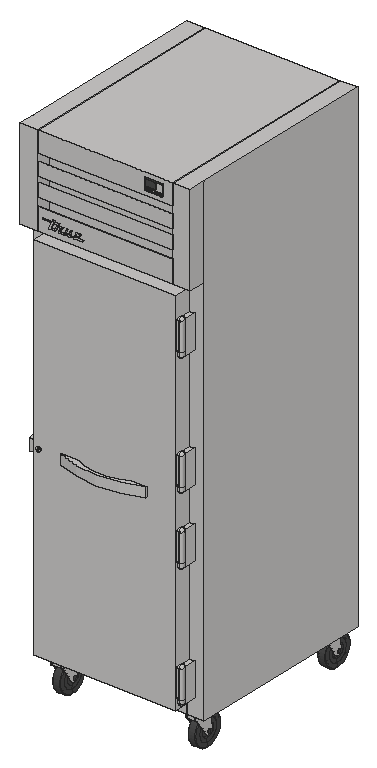
Revit family "QF_TRUE_STG1H-1S", category Specialty Equipment, Revit 2012 (continued)
Automatic sketch dimensions
  Revolve 31 sketch curve to Revolve 31 sketch curve = 1/2"
  Revolve 31 sketch curve to Revolve 31 sketch curve = 0"
  Revolve 31 sketch curve to Revolve 31 sketch curve = 5/8"
  plane 7 to Revolve 31 sketch curve = 1 25/32"
  Revolve 32 sketch curve to plane 7 = 0.62954"
  Revolve 32 sketch curve to plane 4 "RIGHT" = 4.14082"
  Revolve 32 sketch curve to Revolve 32 sketch curve = 1.29707"
  Revolve 32 sketch curve to Revolve 32 sketch curve = 0"
  Revolve 32 sketch curve to Revolve 32 sketch curve = 0.10278"
  Revolve 32 sketch curve to plane 7 = 0.00141"
  plane 7 to Revolve 32 sketch curve = 0.26768"
  Extrusion 33 sketch curve to plane 7 = 0.63926"  (x2)
  Extrusion 33 sketch curve to plane 5 "FRONT" = 3.79864"
  Extrusion 33 sketch curve to Extrusion 33 sketch curve = 1/4"  (x2)
  Extrusion 33 sketch curve to Extrusion 33 sketch curve = 2 1/2"
  Extrusion 33 sketch curve to plane 7 = 0.93273"  (x2)
  Extrusion 33 sketch curve to Extrusion 33 sketch curve = 0.03603"
  plane 1 "BACK" to Extrusion 33 sketch curve = 3.8577"
  Extrusion 33 sketch curve to plane 7 = 1.24411"
  plane 1 "BACK" to Extrusion 33 sketch curve = 1.1077"
  Revolve 34 sketch curve to plane 4 "RIGHT" = 4.35148"
  Revolve 34 sketch curve to Revolve 34 sketch curve = 0.48273"
  Revolve 34 sketch curve to Revolve 34 sketch curve = 0.4"
  Revolve 34 sketch curve to Revolve 34 sketch curve = 0"  (x2)
  Revolve 34 sketch curve to Revolve 34 sketch curve = 0.1"  (x2)
  Revolve 34 sketch curve to Revolve 34 sketch curve = 0.16101"
  Revolve 34 sketch curve to Revolve 34 sketch curve = 0.75408"
  Revolve 34 sketch curve to Revolve 34 sketch curve = 0.92798"
  Revolve 34 sketch curve to Revolve 34 sketch curve = 0.06101"
  Revolve 34 sketch curve to Revolve 34 sketch curve = 1/2"
  Revolve 34 sketch curve to Revolve 34 sketch curve = 0.16509"
  Revolve 34 sketch curve to Revolve 34 sketch curve = 0.39592"
  level to Revolve 34 sketch curve = 2 1/2"
  Revolve 34 sketch curve to Revolve 34 sketch curve = 0.29941"  (x2)
  Revolve 34 sketch curve to Revolve 34 sketch curve = 3/4"  (x4)
  Revolve 34 sketch curve to Revolve 34 sketch curve = 0.59652"
  Revolve 34 sketch curve to Revolve 34 sketch curve = 0.60059"
  plane 3 "LEFT" to Revolve 35 sketch curve = 1.33602"
  Revolve 35 sketch curve to Revolve 35 sketch curve = 0.48273"
  Revolve 35 sketch curve to plane 8 = 5/8"  (x2)
  Revolve 35 sketch curve to Revolve 35 sketch curve = 0.1"  (x2)
  Revolve 35 sketch curve to Revolve 35 sketch curve = 0.16101"
  plane 8 to Revolve 35 sketch curve = 0.12908"
  plane 8 to Revolve 35 sketch curve = 0.46399"
  plane 8 to Revolve 35 sketch curve = 0.525"
  Revolve 35 sketch curve to Revolve 35 sketch curve = 1/2"
  Revolve 35 sketch curve to Revolve 35 sketch curve = 0.16509"
  Revolve 35 sketch curve to Revolve 35 sketch curve = 0.39592"
  level to Revolve 35 sketch curve = 2 1/2"
  Revolve 35 sketch curve to Revolve 35 sketch curve = 0"
  Revolve 35 sketch curve to Revolve 35 sketch curve = 0.29941"  (x2)
  Revolve 35 sketch curve to Revolve 35 sketch curve = 3/4"  (x4)
  Revolve 35 sketch curve to Revolve 35 sketch curve = 0.59652"
  Revolve 35 sketch curve to Revolve 35 sketch curve = 0.60059"
  Extrusion 36 sketch curve to plane 7 = 0.63926"  (x2)
  Extrusion 36 sketch curve to plane 5 "FRONT" = 3.79864"
  Extrusion 36 sketch curve to Extrusion 36 sketch curve = 1/4"  (x2)
  level to Extrusion 36 sketch curve = 2.18736"  (x2)
  Extrusion 36 sketch curve to Extrusion 36 sketch curve = 1.7492"
  Extrusion 36 sketch curve to Extrusion 36 sketch curve = 0.50669"  (x2)
  Extrusion 36 sketch curve to Extrusion 36 sketch curve = 2 1/2"
  level to Extrusion 36 sketch curve = 2.59003"
  Extrusion 36 sketch curve to Extrusion 36 sketch curve = 0.59966"  (x2)
  plane 1 "BACK" to Extrusion 36 sketch curve = 3.8577"
  plane 1 "BACK" to Extrusion 36 sketch curve = 1.8585"
  plane 1 "BACK" to Extrusion 36 sketch curve = 1.1077"
  Extrusion 36 sketch curve to Extrusion 36 sketch curve = 0.32905"
  Extrusion 36 sketch curve to Extrusion 36 sketch curve = 0.60485"  (x2)
  Extrusion 37 sketch curve to plane 7 = 0.63926"  (x2)
  Extrusion 37 sketch curve to plane 5 "FRONT" = 3.79864"
  Extrusion 37 sketch curve to Extrusion 37 sketch curve = 1/4"  (x2)
  level to Extrusion 37 sketch curve = 2.18736"  (x2)
  Extrusion 37 sketch curve to Extrusion 37 sketch curve = 1.7492"
  Extrusion 37 sketch curve to Extrusion 37 sketch curve = 0.50669"  (x2)
  Extrusion 37 sketch curve to Extrusion 37 sketch curve = 2 1/2"
  level to Extrusion 37 sketch curve = 2.59003"
  Extrusion 37 sketch curve to Extrusion 37 sketch curve = 0.59966"  (x2)
  plane 1 "BACK" to Extrusion 37 sketch curve = 3.8577"
  plane 1 "BACK" to Extrusion 37 sketch curve = 1.8585"
  plane 1 "BACK" to Extrusion 37 sketch curve = 1.1077"
  Extrusion 37 sketch curve to Extrusion 37 sketch curve = 0.32905"
  Extrusion 37 sketch curve to Extrusion 37 sketch curve = 0.60485"  (x2)
  Revolve 38 sketch curve to plane 8 = 0"  (x2)
  Revolve 38 sketch curve to plane 7 = 0.62954"
  Revolve 38 sketch curve to plane 8 = 1.29707"
  Revolve 38 sketch curve to Revolve 38 sketch curve = 0.10278"
  Revolve 38 sketch curve to plane 7 = 0.00141"
  plane 7 to Revolve 38 sketch curve = 0.26768"
  Revolve 39 sketch curve to level = 0"
  Revolve 39 sketch curve to plane 8 = 0"  (x2)
  Revolve 39 sketch curve to plane 8 = 1/2"
  Revolve 39 sketch curve to Revolve 39 sketch curve = 1/4"
  Revolve 39 sketch curve to plane 7 = 0"
  Revolve 39 sketch curve to plane 8 = 1.33338"
  level to Revolve 39 sketch curve = 1"
  Revolve 39 sketch curve to Revolve 39 sketch curve = 5/8"
  plane 7 to Revolve 39 sketch curve = 1 25/32"
  Revolve 40 sketch curve to level = 0"
  Revolve 40 sketch curve to plane 8 = 0"  (x2)
  Revolve 40 sketch curve to plane 8 = 1/2"
  Revolve 40 sketch curve to Revolve 40 sketch curve = 1/4"
  Revolve 40 sketch curve to plane 7 = 0"
  Revolve 40 sketch curve to plane 8 = 1.33338"
  level to Revolve 40 sketch curve = 1"
  Revolve 40 sketch curve to Revolve 40 sketch curve = 5/8"
  plane 7 to Revolve 40 sketch curve = 1 25/32"
  Revolve 41 sketch curve to plane 8 = 0"  (x2)
  Revolve 41 sketch curve to plane 7 = 0.62954"
  Revolve 41 sketch curve to plane 8 = 1.29707"
  Revolve 41 sketch curve to Revolve 41 sketch curve = 0.10278"
  Revolve 41 sketch curve to plane 7 = 0.00141"
  plane 7 to Revolve 41 sketch curve = 0.26768"
  Extrusion 42 sketch curve to plane 7 = 0.63926"  (x2)
  Extrusion 42 sketch curve to plane 5 "FRONT" = 3.79864"
  Extrusion 42 sketch curve to Extrusion 42 sketch curve = 1/4"  (x2)
  Extrusion 42 sketch curve to Extrusion 42 sketch curve = 2 1/2"
  Extrusion 42 sketch curve to plane 7 = 0.93273"  (x2)
  Extrusion 42 sketch curve to Extrusion 42 sketch curve = 0.03603"
  plane 1 "BACK" to Extrusion 42 sketch curve = 3.8577"
  Extrusion 42 sketch curve to plane 7 = 1.24411"
  plane 1 "BACK" to Extrusion 42 sketch curve = 1.1077"
  plane 3 "LEFT" to Revolve 43 sketch curve = 1.33602"
  Revolve 43 sketch curve to Revolve 43 sketch curve = 0.48273"
  Revolve 43 sketch curve to plane 8 = 5/8"  (x2)
  Revolve 43 sketch curve to Revolve 43 sketch curve = 0.1"  (x2)
  Revolve 43 sketch curve to Revolve 43 sketch curve = 0.16101"
  plane 8 to Revolve 43 sketch curve = 0.12908"
  plane 8 to Revolve 43 sketch curve = 0.46399"
  plane 8 to Revolve 43 sketch curve = 0.525"
  Revolve 43 sketch curve to Revolve 43 sketch curve = 1/2"
  Revolve 43 sketch curve to Revolve 43 sketch curve = 0.16509"
  Revolve 43 sketch curve to Revolve 43 sketch curve = 0.39592"
  level to Revolve 43 sketch curve = 2 1/2"
  Revolve 43 sketch curve to Revolve 43 sketch curve = 0"
  Revolve 43 sketch curve to Revolve 43 sketch curve = 0.29941"  (x2)
  Revolve 43 sketch curve to Revolve 43 sketch curve = 3/4"  (x4)
  Revolve 43 sketch curve to Revolve 43 sketch curve = 0.59652"
  Revolve 43 sketch curve to Revolve 43 sketch curve = 0.60059"
  Extrusion 45 sketch curve to plane 8 = 0"
  Extrusion 45 sketch curve to plane 5 "FRONT" = 5.09023"
  Extrusion 46 sketch curve to plane 8 = 0"
  plane 1 "BACK" to Extrusion 46 sketch curve = 2.69102"
  Extrusion 47 sketch curve to plane 4 "RIGHT" = 2 27/32"
  plane 1 "BACK" to Extrusion 47 sketch curve = 2.69102"
  Extrusion 48 sketch curve to plane 4 "RIGHT" = 2 27/32"
  Extrusion 48 sketch curve to plane 5 "FRONT" = 5.09023"
  Extrusion 6 sketch curve to plane 6 "TOP" = 16 5/32"
  plane 5 "FRONT" to Extrusion 7 sketch curve = 0"  (x2)
  plane 8 to Extrusion 7 sketch curve = 4.0125"
  plane 5 "FRONT" to Extrusion 7 sketch curve = 0.2"
  Extrusion 7 sketch curve to Extrusion 7 sketch curve = 2.4"  (x2)
  plane 8 to Extrusion 7 sketch curve = 10 13/16"
  Extrusion 7 sketch curve to Extrusion 7 sketch curve = 0"
  Extrusion 7 sketch curve to plane 5 "FRONT" = 7.77899"
  Extrusion 7 sketch curve to Extrusion 7 sketch curve = 7.30945"
  plane 5 "FRONT" to Extrusion 44 sketch curve = 3/32"
  Extrusion 44 sketch curve to plane 8 = 21/32"
  Extrusion 44 sketch curve to plane 4 "RIGHT" = 2 3/8"
  plane 1 "BACK" to curve 1 = 0"
  curve 1 to plane 3 "LEFT" = 0"
  plane 5 "FRONT" to curve 27 = 0"
  curve 5 to plane 4 "RIGHT" = 0"
  plane 3 "LEFT" to curve 11 = 1.20097"
  plane 3 "LEFT" to curve 8 = 1.20097"
  curve 27 to plane 8 = 21/32"
  curve 13 to plane 8 = 11/32"
  curve 9 to plane 8 = 11/32"
  plane 1 "BACK" to curve 11 = 0.4208"
  plane 8 to curve 11 = 0.98222"
  plane 8 to curve 7 = 0.98222"
  plane 8 to curve 26 = 2.41679"
  plane 5 "FRONT" to curve 24 = 0.2"
  plane 8 to curve 24 = 3.97621"
  curve 24 to curve 22 = 2.4"
  curve 6 to curve 22 = 8.49496"
  curve 23 to curve 22 = 0"
  curve 22 to curve 25 = 2.4"
  curve 15 to plane 4 "RIGHT" = 5.39157"
  curve 25 to curve 19 = 1.78222"
  curve 15 to curve 16 = 1.29904"
  curve 19 to curve 20 = 1.29904"
  plane 1 "BACK" to curve 15 = 0.4208"
  curve 15 to plane 4 "RIGHT" = 2.76657"
  curve 19 to plane 4 "RIGHT" = 2.67282"
  curve 26 to curve 27 = 0"
  curve 5 to plane 5 "FRONT" = 2 1/4"
  curve 21 to plane 5 "FRONT" = 3.92849"
  curve 5 to curve 8 = 1.78257"
  curve 20 to curve 20 = 3/4"
  curve 8 to curve 7 = 3/4"
  curve 22 to plane 5 "FRONT" = 7.77899"
  curve 22 to curve 23 = 7.30945"
  curve 12 to curve 10 = 5.29663"
  curve 16 to curve 14 = 5.29663"
  curve 26 to plane 4 "RIGHT" = 2 3/8"
  radius of Extrusion 8 sketch curve = 0.35"
  radius of Extrusion 12 sketch curve = 1/4"
  radius of Extrusion 45 sketch curve = 1 1/2"
  radius of Extrusion 46 sketch curve = 1 1/2"
  radius of Extrusion 47 sketch curve = 1 1/2"
  radius of Extrusion 48 sketch curve = 1 1/2"
Connectors (in)
  electrical at (24.25, -0.0625, 82), driven by "Volts", driven by "Watts"
    settings: on Extrusion 12, index 1, voltage 208 V, apparent load 1500 VA, apparent load phase1 0 VA, apparent load phase2 0 VA, apparent load phase3 0 VA, power factor 1, load classification "Other", number of poles 1, system type 30, power factor state 1, is connector primary yes, connector utility no, sub classification motor no, connector description "ELECTRICAL CONNECTION"
